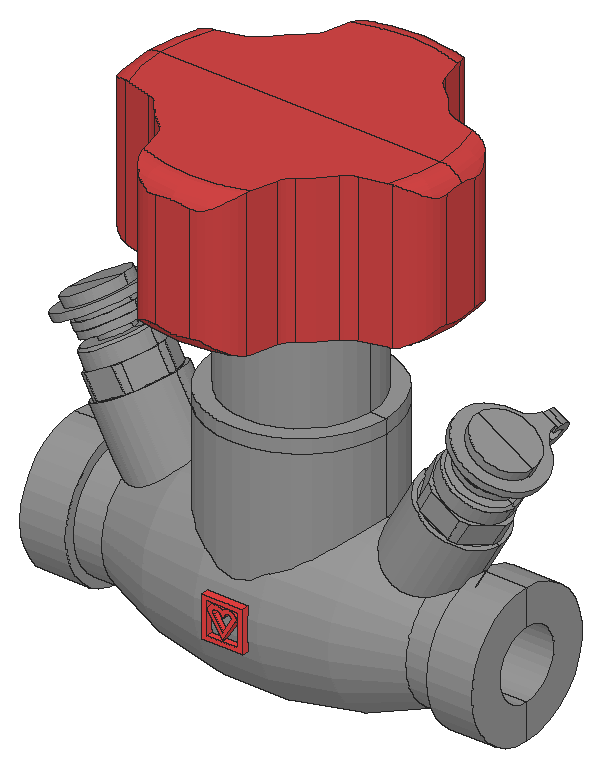
Revit family "HERZ Strömax клапан балансировочный с измерительными клапанами 4217 GM (LF-MF)", category Rohrzubehör, Revit 2021
Family settings
  Bemaßung runder Anschluss = Durchmesser verwenden
  Teiletyp = Unterbricht
  OmniClass-Nummer = 23.65.55.14
  OmniClass-Titel = Valves for Liquid Services
  Arbeitsebenenbasiert = Nein
  Immer vertikal = Ja
  Beim Laden mit Abzugskörper schneiden = Nein
  Gemeinsam genutzt = Nein
Parameters (values of type "LF")
  Среда = "Качество теплоносителя в соответствии с ÖNORM H5195 и VDI 2035.\r\nДопускается использование этилен- и пропиленгликоля в соотношении 25-50% с водой."
  Положение клапана при монтаже = "Неподнимающийся шпиндель, расположенный перпендикулярно оси клапана, обеспечивает доступность и лёгкость в обслуживании в любом монтажном положении."
  Область применения = "Балансировочные клапаны применяются для гидравлической балансировки систем отопления и охлаждения, регулировки магистральных трубопроводов, стояков, теплообменников, регистров отопления и охлаждения."
  Номер заказа [instance] = if(and(LF, Nennweite = 15.00 mm), 1421730, if(and(MF, Nennweite = 15.00 mm), 1421731, 0))  # 1421730
  Макс. рабочее давление = 1600000.0 Pa  # constant formula
  Макс. рабочая температура (с DN40) = 110 °C  # constant formula
  Макс. рабочая температура (до DN32) = 130 °C  # constant formula
  Корпус = "латунь, устойчивая к селективной цинковой коррозии"  # constant formula
  Исполнение = "STRÖMAX-GM Балансировочный клапан с измерительными клапанами, 1/2′′ – 3′′.\r\nИсполнение с прямым невыдвижным шпинделем, муфта х муфта, латунный корпус без покрытия, уплотнение шпинделя двойным кольцевым уплотнением O-Ring, преднастройка посредством ограничения хода внутреннего шпинделя, цифровые показания степени настройки отображаются в окне маховика.\r\nДва измерительных клапана расположены рядом с маховиком."
  Измерение перепада давления = "Клапаны STRÖMAX-GM оснащен двумя измерительными клапанами:\r\nс помощью измерительного прибора можно измерить перепад давления и по нему определить текущий расход в зависимости от степени преднастройки.\r\nHERZ Измерительный компьютер (1 8900 05) позволяет напрямую считывать расход (см. руководство к измерительным приборам)."
  kvs-значения [instance] = if(and(LF, Nennweite = 15.00 mm), 0.93, if(and(MF, Nennweite = 15.00 mm), 3.49, 0))  # 0.93
  W02 = 60.00°  # constant formula
  W01 = 30.00°  # constant formula
  Vorgabe-Ansicht = 0.00 mm
  URL = "www.herz-armaturen.ru"
  SC_NennweiteBerechnet = 0
  SC_Dimension = ""
  SCRNSEQ = "ARM;ARM_TYP=\"STRV\";2"
  SCRNCODE = "05;07;02"  # constant formula
  S02 = 60.00 mm  # constant formula
  S01 [instance] = H00 + H01  # 68.20 mm
  R01 [instance] = 21.00 mm  # constant formula
  Nennweite [instance] = 15.00 mm
  ML02 [instance] = 30.20 mm  # constant formula
  ML01 [instance] = 20.67 mm  # constant formula
  MF [instance] = no
  MD01 = 9.50 mm  # constant formula
  LF [instance] = yes
  L02 [instance] = 10.00 mm  # constant formula
  L01 [instance] = 16.30 mm  # constant formula
  L00 [instance] = 100.00 mm  # constant formula
  IG [instance] = Nennweite / 2  # 7.50 mm
  Hersteller = "HERZ Armaturen Ges.m.b.H."  # constant formula
  H04 [instance] = 2.50 mm  # constant formula
  H03 = 10.00 mm  # constant formula
  H02 [instance] = 3.00 mm  # constant formula
  H01 [instance] = 33.30 mm  # constant formula
  H00 [instance] = 34.90 mm  # constant formula
  Вес [instance] = if(and(LF, Nennweite = 15.00 mm), "0.86 kg", if(and(MF, Nennweite = 15.00 mm), "0.89 kg", "0 kg"))  # "0.86 kg"
  GT [instance] = 15.00 mm  # constant formula
  DN50-DN80 [instance] = H00 + H01  # 68.20 mm
  DN15-DN40 [instance] = H00 + H01  # 68.20 mm
  DN15 [instance] = Nennweite = 15.00 mm  # yes
  D06 [instance] = 15.40 mm  # constant formula
  D05 [instance] = 13.15 mm  # constant formula
  D04 = 9.00 mm  # constant formula
  D03 [instance] = 19.00 mm  # constant formula
  D02 [instance] = 15.25 mm  # constant formula
  D01 [instance] = 13.20 mm  # constant formula
Types (3, lengths in mm): name | Номер заказа | kvs-значения | MF | LF | Вес
  (no name) | 1421730 | 0.93 | no | yes | "0.86 kg"
  LF | 1421730 | 0.93 | no | yes | "0.86 kg"
  MF | 1421731 | 3.49 | yes | no | "0.89 kg"
Reference planes
  plane 1 "Mitte (Vorne/hinten)": y = 0
  plane 2: z = 0
  plane 3 "Mitte (Links/rechts)": x = 0
Forms (mm)
  Revolve 1, solid, material "Messing, weicher Gelbton, geschweißt", detail levels fine
    sketch origin (0, 0, 0) x (1, 0, 0) y (0, 0, 1)
      loop
        line (-50, 15.25) -> (-50, 7.5) -> (-35, 7.5) -> (-35, 0) -> (35, 0) -> (35, 7.5) -> (50, 7.5) -> (50, 15.25) -> (40, 15.25) -> (40, 13.2) -> (33.7, 13.2)
        arc (33.7, 13.2) -> (0, 21) -> (-33.7, 13.2) r 76.701
        line (-33.7, 13.2) -> (-40, 13.2) -> (-40, 15.25) -> (-50, 15.25)
      axis (-50, 0) -> (50, 0)
    angle from 0 to 360
  Revolve 2, solid, material "Messing, weicher Gelbton, geschweißt", detail levels fine
    sketch origin (0, 0, 0) x (1, 0, 0) y (0, 0, 1)
      loop
        line (20.67, 0) -> (35.77, 26.154) -> (27.543, 30.904) -> (12.443, 4.75) -> (20.67, 0)
      axis (20.67, 0) -> (35.77, 26.154)
    angle from 0 to 360
  Revolve 3, solid, material "Messing, weicher Gelbton, geschweißt", detail levels fine
    sketch origin (0, 0, 0) x (1, 0, 0) y (0, 0, 1)
      loop
        line (0, 0) -> (0, 34.9) -> (-19, 34.9) -> (-19, 0) -> (0, 0)
      axis (0, 34.9) -> (0, 0)
    angle from 0 to 360
  Revolve 4, solid, material "Messing, weicher Gelbton, geschweißt", detail levels fine
    sketch origin (0, 0, 0) x (-1, 0, 0) y (0, 0, 1)
      loop
        line (20.67, 0) -> (35.77, 26.154) -> (27.543, 30.904) -> (12.443, 4.75) -> (20.67, 0)
      axis (20.67, 0) -> (35.77, 26.154)
    angle from 0 to 360
  Revolve 5, solid, material "Messing, weicher Gelbton, geschweißt", detail levels fine
    sketch origin (0, 0, 0) x (1, 0, 0) y (0, 0, 1)
      loop
        line (0, 34.9) -> (0, 68.2) -> (-9, 68.2) -> (-9, 58.2) -> (-13.15, 58.2) -> (-13.15, 55.7) -> (-15.4, 55.7) -> (-15.4, 37.9) -> (-19, 37.9) -> (-19, 34.9) -> (0, 34.9)
      axis (0, 68.2) -> (0, 34.9)
    angle from 0 to 360
Lines and regions (mm)
  model lines, detail levels coarse+medium
    curve 1: line (-50, 0, 15.25) -> (-50, 0, -15.25)
    curve 2: line (-50, 0, -15.25) -> (50, 0, 15.25)
    curve 3: line (50, 0, 15.25) -> (50, 0, -15.25)
    curve 4: line (50, 0, -15.25) -> (-50, 0, 15.25)
    curve 5: line (0, 0, 0) -> (39.375, 0, 68.2)
    curve 6: line (13.395, 0, 83.2) -> (65.356, 0, 53.2)
    curve 7: line (-50, 15.25, 0) -> (-50, -15.25, 0)
    curve 8: line (-50, -15.25, 0) -> (50, 15.25, 0)
    curve 9: line (50, 15.25, 0) -> (50, -15.25, 0)
    curve 10: line (50, -15.25, 0) -> (-50, 15.25, 0)
    curve 11: line (0, 0, 0) -> (39.375, 68.2, 0)
    curve 12: line (13.395, 83.2, 0) -> (65.356, 53.2, 0)
Dimensions and locks
  "IG": Revolve 1 sketch curve to plane 2
  "GT": Revolve 1 sketch curve to Revolve 1 sketch curve  (x2)
  "IG": Revolve 1 sketch curve to Revolve 1 sketch curve
  "D01": Revolve 1 sketch curve to Revolve 1 sketch curve  (x2)
  "R01": Revolve 1 sketch curve to Revolve 1 sketch curve
  "L02": Revolve 1 sketch curve to Revolve 1 sketch curve  (x2)
  "L01": Revolve 1 sketch curve to Revolve 1 sketch curve  (x2)
  "D02": Revolve 1 sketch curve to plane 2  (x2)
  equal spacing: Revolve 1 sketch curve, plane 3 "Mitte (Links/rechts)", Revolve 1 sketch curve
  "L00": Revolve 1 sketch curve to Revolve 1 sketch curve
  "R01": nested 1 to plane 1 "Mitte (Vorne/hinten)"
  "ML01": Revolve 2 sketch curve to plane 3 "Mitte (Links/rechts)"
  "H00": Revolve 3 sketch curve to plane 2
  "D03": Revolve 3 sketch curve to Revolve 3 sketch curve
  "ML02": Revolve 2 sketch curve to Revolve 2 sketch curve
  "MD01": Revolve 2 sketch curve to Revolve 2 sketch curve  (x2)
  "ML02": Revolve 4 sketch curve to Revolve 4 sketch curve
  "MD01": Revolve 4 sketch curve to Revolve 4 sketch curve  (x2)
  "ML01": plane 3 "Mitte (Links/rechts)" to Revolve 4 sketch curve
  "H00": Revolve 5 sketch curve to plane 2
  "H01": Revolve 5 sketch curve to Revolve 5 sketch curve
  "D04": Revolve 5 sketch curve to Revolve 5 sketch curve
  "D03": Revolve 5 sketch curve to Revolve 5 sketch curve
  "D05": Revolve 5 sketch curve to Revolve 5 sketch curve
  "D06": Revolve 5 sketch curve to Revolve 5 sketch curve
  "H02": Revolve 5 sketch curve to Revolve 5 sketch curve
  "H03": Revolve 5 sketch curve to Revolve 5 sketch curve
  "H04": Revolve 5 sketch curve to Revolve 5 sketch curve
  "DN15-DN40": nested 2 to plane 2
  "D02": curve 4 to plane 2 to curve 2
  "D02": curve 3 to plane 2 to curve 4
  equal spacing: curve 1, plane 3 "Mitte (Links/rechts)", curve 3
  "L00": curve 1 to curve 3
  equal spacing: Revolve 1, curve 5, Revolve 1
  "S01": curve 5 to plane 2
  equal spacing: curve 6, curve 5, curve 6
  "S02": curve 6 to curve 6
  "D02": curve 8 to plane 1 "Mitte (Vorne/hinten)" to curve 10
  "D02": curve 10 to plane 1 "Mitte (Vorne/hinten)" to curve 9
  equal spacing: curve 7, plane 3 "Mitte (Links/rechts)", curve 9
  "L00": curve 7 to curve 9
  equal spacing: curve 7, curve 11, curve 9
  "S01": plane 1 "Mitte (Vorne/hinten)" to curve 11
  equal spacing: curve 12, curve 11, curve 12
  "S02": curve 12 to curve 12
  "W01": angle Revolve 2 sketch curve to plane 3 "Mitte (Links/rechts)"  (x2)
  "W01": angle plane 3 "Mitte (Links/rechts)" to Revolve 4 sketch curve  (x2)
  "W02": angle plane 2 to curve 5
  "W02": angle plane 1 "Mitte (Vorne/hinten)" to curve 11
  aligned and locked: level to plane 2
Automatic sketch dimensions
  Revolve 1 sketch curve to level = 0.00 mm  (x2)
  Revolve 1 sketch curve to Revolve 1 sketch curve = 1429.986 mm
  Revolve 1 sketch curve to Revolve 1 sketch curve = 1762.604 mm
  Revolve 2 sketch curve to level = 0.00 mm  (x2)
  Revolve 3 sketch curve to level = 0.00 mm
  Revolve 3 sketch curve to plane 3 "Mitte (Links/rechts)" = 0.00 mm  (x2)
  Revolve 3 sketch curve to Revolve 3 sketch curve = 366.045 mm
  Revolve 3 sketch curve to Revolve 3 sketch curve = 2179.415 mm
  Revolve 4 sketch curve to level = 0.00 mm  (x2)
  Revolve 5 sketch curve to plane 3 "Mitte (Links/rechts)" = 0.00 mm  (x2)
  Revolve 5 sketch curve to level = 366.045 mm
  Revolve 5 sketch curve to Revolve 5 sketch curve = 2146.115 mm
Nested families
  nested 1: "Herz-Logo-vorne" at (0, -21, 0) x (0, 1, 0) z (0, 0, 1), type "Herz-Logo-vorne", detail levels fine
  nested 2: "Strangregulierventil-Handrad-Gerade (Rot) DN15-DN40" at (0, 0, 68.2), visible <- "DN15", type "Strangregulierventil-Handrad-Gerade (Rot) DN15-DN40", detail levels fine
    with Nennweite 0.00 mm, Gewicht 0.00 kg, Bestellnummer 0
  nested 3: "Messstutzen_Band_Austritt_30Grad_(oben)" at (27.02, 0, 10.999), visible <- "DN15", type "Messstutzen_Band_Austritt_30Grad_(oben)", detail levels fine
    with Schutzkappe yes, Nennweite 0.00 mm, Gewicht 0.00 kg, Bestellnummer 0
  nested 4: "Messstutzen_Band_Eintritt_30Grad_(oben)" at (-27.02, 0, 10.999) x (-1, 0, 0) z (0, 0, 1), visible <- "DN15", type "Messstutzen_Band_Eintritt_30Grad_(oben)", detail levels fine
    with Schutzkappe yes, Nennweite 0.00 mm, Gewicht 0.00 kg, Bestellnummer 0
Connectors
  piping at (-35, 0, 0), diameter 15, driven by "Nennweite"
    settings: on Revolve 1, index 1, connector inside diameter 609.6 mm, connector length 0.00 mm, flow factor 0, pipe flow 0.0 L/s, pressure drop 0.0 Pa, fitting loss kfactor 0, connector angle 0.00°, fixture units 0, engagement length 0.00 mm, angle of deflection 0.00°, flow configuration 0, flow direction 1, fitting loss method 0, system type 29, joint type 0, gender type 0, connector reference index -1, connector utility 0, adjustable connector no, is connector primary yes, connector description ""
  piping at (35, 0, 0), diameter 15, driven by "Nennweite"
    settings: on Revolve 1, index 2, connector inside diameter 609.6 mm, connector length 0.00 mm, flow factor 0, pipe flow 0.0 L/s, pressure drop 0.0 Pa, fitting loss kfactor 0, connector angle 0.00°, fixture units 0, engagement length 0.00 mm, angle of deflection 0.00°, flow configuration 0, flow direction 2, fitting loss method 0, system type 29, joint type 0, gender type 0, connector reference index -1, connector utility 0, adjustable connector no, is connector primary no, connector description ""
Definition of nested family "Herz-Logo-vorne"
  Parameters (values of type "Herz-Logo-vorne")
    Default Elevation = 0.00 mm
  Reference planes
    plane 1 "Mitte (Vorne/hinten)": y = 0
    plane 2: z = 0
    plane 3 "Mitte (Links/rechts)": x = 0
  Forms (mm)
    Extrusion 1, solid
      sketch origin (0.732, -0.018, 0.017) x (0, -1, 0) y (0, 0, 1)
        loop
          line (-0.018, -4.517) -> (4.482, -4.517) -> (4.482, 4.483) -> (-4.518, 4.483) -> (-4.518, -4.517) -> (-0.018, -4.517)
        loop
          line (-0.05, -3.48) -> (3.482, -3.48) -> (3.482, 3.483) -> (-3.518, 3.483) -> (-3.518, -3.48) -> (-0.05, -3.48)
        loop
          arc (-0.018, 2.383) -> (-1.543, 3.287) -> (-3.067, 2.383) r 1.738
          arc (-3.067, 2.383) -> (-3.191, 1.899) -> (-3.067, 1.415) r 1.009
          line (-3.067, 1.415) -> (-0.018, -3.281) -> (3.032, 1.415)
          arc (3.032, 1.415) -> (3.156, 1.899) -> (3.032, 2.383) r 1.009
          arc (3.032, 2.383) -> (1.507, 3.287) -> (-0.018, 2.383) r 1.738
        loop
          arc (1.885, 1.272) -> (2.005, 1.675) -> (1.885, 2.079) r 0.74
          arc (1.885, 2.079) -> (1.265, 2.416) -> (0.644, 2.079) r 0.74
          line (0.644, 2.079) -> (-0.018, 0.97) -> (-0.679, 2.079)
          arc (-0.679, 2.079) -> (-1.3, 2.416) -> (-1.921, 2.079) r 0.74
          arc (-1.921, 2.079) -> (-2.04, 1.675) -> (-1.921, 1.272) r 0.74
          line (-1.921, 1.272) -> (-0.018, -1.658) -> (1.885, 1.272)
      from 0 to 1.5
  Dimensions and locks
    aligned and locked: level to plane 2
Definition of nested family "Strangregulierventil-Handrad-Gerade (Rot) DN15-DN40"
  Parameters (values of type "Strangregulierventil-Handrad-Gerade (Rot) DN15-DN40")
    Default Elevation = 0.00 mm
    URL = "www.herz-armaturen.at"
    Nennweite [instance] = 0.00 mm
    Manufacturer = "Herz Armaturen GmbH"  # constant formula
    Gewicht [instance] = 0.00 kg
    Bestellnummer [instance] = 0
  Reference planes
    plane 1 "Mitte (Vorne/hinten)": y = 0
    plane 2: z = 0
    plane 3 "Mitte (Links/rechts)": x = 0
  Forms (mm)
    Revolve 1, solid, detail levels fine
      sketch origin (0, 0, 0) x (1, 0, 0) y (0, 0, 1)
        loop
          line (0, 0) -> (0, 24.95) -> (-30.992, 24.95)
          arc (-30.992, 24.95) -> (-34.37, 23.636) -> (-35.973, 20.386) r 5
          line (-35.973, 20.386) -> (-37, 8.65) -> (-35.986, -2.936)
          arc (-35.986, -2.936) -> (-34.383, -6.186) -> (-31.005, -7.5) r 5
          line (-31.005, -7.5) -> (-15, -7.5) -> (-15, 0) -> (0, 0)
        axis (0, 24.95) -> (0, -7.5)
      angle from 0 to 360
    Extrusion 2, void
      sketch origin (0, 0, 20.3) x (1, 0, 0) y (0, 1, 0)
        loop
          line (3.861, 35.5) -> (-3.861, 35.5)
          arc (-3.861, 35.5) -> (-8.731, 33.847) -> (-11.589, 29.571) r 8
          line (-11.589, 29.571) -> (-13.284, 23.245)
          arc (-13.284, 23.245) -> (-13.982, 21.722) -> (-15.144, 20.516) r 5
          arc (-15.144, 20.516) -> (-18.031, 18.031) -> (-20.516, 15.144) r 25.5
          arc (-20.516, 15.144) -> (-21.722, 13.982) -> (-23.245, 13.284) r 5
          line (-23.245, 13.284) -> (-29.571, 11.589)
          arc (-29.571, 11.589) -> (-33.847, 8.731) -> (-35.5, 3.861) r 8
          line (-35.5, 3.861) -> (-35.5, -3.861)
          arc (-35.5, -3.861) -> (-33.847, -8.731) -> (-29.571, -11.589) r 8
          line (-29.571, -11.589) -> (-23.245, -13.284)
          arc (-23.245, -13.284) -> (-21.722, -13.982) -> (-20.516, -15.144) r 5
          arc (-20.516, -15.144) -> (-18.031, -18.031) -> (-15.144, -20.516) r 25.5
          arc (-15.144, -20.516) -> (-13.982, -21.722) -> (-13.284, -23.245) r 5
          line (-13.284, -23.245) -> (-11.589, -29.571)
          arc (-11.589, -29.571) -> (-8.731, -33.847) -> (-3.861, -35.5) r 8
          line (-3.861, -35.5) -> (3.861, -35.5)
          arc (3.861, -35.5) -> (8.731, -33.847) -> (11.589, -29.571) r 8
          line (11.589, -29.571) -> (13.284, -23.245)
          arc (13.284, -23.245) -> (13.982, -21.722) -> (15.144, -20.516) r 5
          arc (15.144, -20.516) -> (18.031, -18.031) -> (20.516, -15.144) r 25.5
          arc (20.516, -15.144) -> (21.722, -13.982) -> (23.245, -13.284) r 5
          line (23.245, -13.284) -> (29.571, -11.589)
          arc (29.571, -11.589) -> (33.847, -8.731) -> (35.5, -3.861) r 8
          line (35.5, -3.861) -> (35.5, 3.861)
          arc (35.5, 3.861) -> (33.847, 8.731) -> (29.571, 11.589) r 8
          line (29.571, 11.589) -> (23.245, 13.284)
          arc (23.245, 13.284) -> (21.722, 13.982) -> (20.516, 15.144) r 5
          arc (20.516, 15.144) -> (18.031, 18.031) -> (15.144, 20.516) r 25.5
          arc (15.144, 20.516) -> (13.982, 21.722) -> (13.284, 23.245) r 5
          line (13.284, 23.245) -> (11.589, 29.571)
          arc (11.589, 29.571) -> (8.731, 33.847) -> (3.861, 35.5) r 8
        loop
          circle (0, 0) r 38
      from -31.266 to 7.923
  Cuts and joins
    Extrusion 2 cuts Revolve 1
  Dimensions and locks
    Revolve 1 sketch curve to Revolve 1 sketch curve = 15.00 mm
    Revolve 1 sketch curve to Revolve 1 sketch curve = 16.15 mm
    Revolve 1 sketch curve to Revolve 1 sketch curve = 16.30 mm
    angle Revolve 1 sketch curve to Revolve 1 sketch curve = 95.00°
    aligned and locked: level to plane 2
Definition of nested family "Messstutzen_Band_Austritt_30Grad_(oben)"
  Parameters (values of type "Messstutzen_Band_Austritt_30Grad_(oben)")
    Default Elevation = 0.00 mm
    URL = "www.herz-armaturen.at"
    Schutzkappe [instance] = yes
    Nennweite [instance] = 0.00 mm
    Manufacturer = "Herz Armaturen GmbH"  # constant formula
    Gewicht [instance] = 0.00 kg
    Bestellnummer [instance] = 0
  Reference planes
    plane 1 "Mitte (Vorne/hinten)": y = 0
    plane 2: z = 0
    plane 3 "Mitte (Links/rechts)": x = 0
  Forms (mm)
    Revolve 1, solid, detail levels fine
      sketch origin (0, 0, 0) x (0.866025, 0, -0.5) y (0.5, 0, 0.866025)
        loop
          line (-7.4, 9) -> (-5.55, 9) -> (-5.55, 6)
          arc (-5.55, 6) -> (-5.626, 5.617) -> (-5.843, 5.293) r 1
          line (-5.843, 5.293) -> (-6.455, 4.681) -> (-6.455, 0.9) -> (-5.555, 0) -> (-2, 0) -> (-2, 17.5) -> (-8.4, 17.5)
          arc (-8.4, 17.5) -> (-7.693, 17.207) -> (-7.4, 16.5) r 1
          line (-7.4, 16.5) -> (-7.4, 9)
        loop
          line (-3.7, 27) -> (-7.3, 27) -> (-7.9, 26.4) -> (-7.9, 23) -> (-2, 23) -> (-2, 35.8) -> (-3.805, 35.8) -> (-4.415, 35.19) -> (-4.415, 30.863) -> (-3.7, 30.45) -> (-3.7, 27)
        axis (0, 0) -> (0, 35.8)
      angle from 0 to 360
    Extrusion 2, solid, detail levels fine
      sketch origin (8.75, 0, 15.155) x (0, 1, 0) y (-0.866025, 0, 0.5)
        loop
          arc (-7.07, 5.156) -> (-7.578, 4.375) -> (-8, 3.544) r 8.75
          line (-8, 3.544) -> (-8, -3.544)
          arc (-8, -3.544) -> (-7.578, -4.375) -> (-7.07, -5.156) r 8.75
          line (-7.07, -5.156) -> (-0.93, -8.7)
          arc (-0.93, -8.7) -> (0, -8.75) -> (0.93, -8.7) r 8.75
          line (0.93, -8.7) -> (7.07, -5.156)
          arc (7.07, -5.156) -> (7.578, -4.375) -> (8, -3.544) r 8.75
          line (8, -3.544) -> (8, 3.544)
          arc (8, 3.544) -> (7.578, 4.375) -> (7.07, 5.156) r 8.75
          line (7.07, 5.156) -> (0.93, 8.7)
          arc (0.93, 8.7) -> (0, 8.75) -> (-0.93, 8.7) r 8.75
          line (-0.93, 8.7) -> (-7.07, 5.156)
      from 0 to 5.5
    Revolve 3, solid, visible <- "Schutzkappe", detail levels fine
      sketch origin (0, 0, 0) x (0.866025, 0, -0.5) y (0.5, 0, 0.866025)
        loop
          line (0, 35.878) -> (0, 36.678) -> (-7, 36.678) -> (-7, 33.378) -> (-6.1, 33.378) -> (-6.1, 31.678) -> (-6.9, 31.678) -> (-6.9, 30.178) -> (-4.415, 30.178) -> (-4.415, 35.268) -> (-3.805, 35.878) -> (0, 35.878)
        axis (0, 30.178) -> (0, 36.678)
      angle from 0 to 360
    Extrusion 4, solid, detail levels fine
      sketch origin (14.25, 0, 24.682) x (0, 1, 0) y (0.866025, 0, -0.5)
        loop
          circle (0, 0) r 3.7
        loop
          arc (5.505, -3.906) -> (7.288, -2.358) -> (9.582, -1.8) r 5
          line (9.582, -1.8) -> (9.582, 1.8)
          arc (9.582, 1.8) -> (7.288, 2.358) -> (5.505, 3.906) r 5
          arc (5.505, 3.906) -> (-6.75, 0) -> (5.505, -3.906) r 6.75
      from 0 to -1.5
    Extrusion 5, solid, detail levels fine
      sketch origin (16.589, 0, 28.733) x (0, 1, 0) y (0.866025, 0, -0.5)
        loop
          circle (0, 0) r 6.1
        loop
          arc (8.652, -4.495) -> (10.493, -2.527) -> (13.089, -1.8) r 5
          line (13.089, -1.8) -> (13.089, 1.8)
          arc (13.089, 1.8) -> (10.493, 2.527) -> (8.652, 4.495) r 5
          arc (8.652, 4.495) -> (-9.75, 0) -> (8.652, -4.495) r 9.75
      from 0 to -1.5
    Sweep 6, solid, detail levels fine
      path origin (1.029, 0.159, 0.98) x (-0.5, 0, -0.866025) y (0, 1, 0)
        loop
          line (-27.75, 9.582) -> (-27.75, 14.522)
          arc (-27.75, 14.522) -> (-30.089, 16.862) -> (-32.428, 14.522) r 2.339
          line (-32.428, 14.522) -> (-32.428, 13.089)
      profile origin (14.904, 12.211, 25.012) x (0.5, 0, 0.866025) y (0.866025, 0, -0.5)
        loop
          line (-0.75, -1.8) -> (0.75, -1.8) -> (0.75, 1.8) -> (-0.75, 1.8) -> (-0.75, -1.8)
  Dimensions and locks
    aligned and locked: level to plane 2
Definition of nested family "Messstutzen_Band_Eintritt_30Grad_(oben)"
  Parameters (values of type "Messstutzen_Band_Eintritt_30Grad_(oben)")
    Default Elevation = 0.00 mm
    URL = "www.herz-armaturen.at"
    Schutzkappe [instance] = yes
    Nennweite [instance] = 0.00 mm
    Manufacturer = "Herz Armaturen GmbH"  # constant formula
    Gewicht [instance] = 0.00 kg
    Bestellnummer [instance] = 0
  Reference planes
    plane 1 "Mitte (Vorne/hinten)": y = 0
    plane 2: z = 0
    plane 3 "Mitte (Links/rechts)": x = 0
  Forms (mm)
    Revolve 1, solid, detail levels fine
      sketch origin (0, 0, 0) x (0.866025, 0, -0.5) y (0.5, 0, 0.866025)
        loop
          line (-7.4, 9) -> (-5.55, 9) -> (-5.55, 6)
          arc (-5.55, 6) -> (-5.626, 5.617) -> (-5.843, 5.293) r 1
          line (-5.843, 5.293) -> (-6.455, 4.681) -> (-6.455, 0.9) -> (-5.555, 0) -> (-2, 0) -> (-2, 17.5) -> (-8.4, 17.5)
          arc (-8.4, 17.5) -> (-7.693, 17.207) -> (-7.4, 16.5) r 1
          line (-7.4, 16.5) -> (-7.4, 9)
        loop
          line (-3.7, 27) -> (-7.3, 27) -> (-7.9, 26.4) -> (-7.9, 23) -> (-2, 23) -> (-2, 35.8) -> (-3.805, 35.8) -> (-4.415, 35.19) -> (-4.415, 30.863) -> (-3.7, 30.45) -> (-3.7, 27)
        axis (0, 0) -> (0, 35.8)
      angle from 0 to 360
    Extrusion 2, solid, detail levels fine
      sketch origin (8.75, 0, 15.155) x (0, 1, 0) y (-0.866025, 0, 0.5)
        loop
          arc (-7.07, 5.156) -> (-7.578, 4.375) -> (-8, 3.544) r 8.75
          line (-8, 3.544) -> (-8, -3.544)
          arc (-8, -3.544) -> (-7.578, -4.375) -> (-7.07, -5.156) r 8.75
          line (-7.07, -5.156) -> (-0.93, -8.7)
          arc (-0.93, -8.7) -> (0, -8.75) -> (0.93, -8.7) r 8.75
          line (0.93, -8.7) -> (7.07, -5.156)
          arc (7.07, -5.156) -> (7.578, -4.375) -> (8, -3.544) r 8.75
          line (8, -3.544) -> (8, 3.544)
          arc (8, 3.544) -> (7.578, 4.375) -> (7.07, 5.156) r 8.75
          line (7.07, 5.156) -> (0.93, 8.7)
          arc (0.93, 8.7) -> (0, 8.75) -> (-0.93, 8.7) r 8.75
          line (-0.93, 8.7) -> (-7.07, 5.156)
      from 0 to 5.5
    Revolve 3, solid, visible <- "Schutzkappe", detail levels fine
      sketch origin (0, 0, 0) x (0.866025, 0, -0.5) y (0.5, 0, 0.866025)
        loop
          line (0, 35.878) -> (0, 36.678) -> (-7, 36.678) -> (-7, 33.378) -> (-6.1, 33.378) -> (-6.1, 31.678) -> (-6.9, 31.678) -> (-6.9, 30.178) -> (-4.415, 30.178) -> (-4.415, 35.268) -> (-3.805, 35.878) -> (0, 35.878)
        axis (0, 30.178) -> (0, 36.678)
      angle from 0 to 360
    Extrusion 4, solid, detail levels fine
      sketch origin (14.25, 0, 24.682) x (0, 1, 0) y (0.866025, 0, -0.5)
        loop
          circle (0, 0) r 3.7
        loop
          arc (5.505, -3.906) -> (7.288, -2.358) -> (9.582, -1.8) r 5
          line (9.582, -1.8) -> (9.582, 1.8)
          arc (9.582, 1.8) -> (7.288, 2.358) -> (5.505, 3.906) r 5
          arc (5.505, 3.906) -> (-6.75, 0) -> (5.505, -3.906) r 6.75
      from 0 to -1.5
    Extrusion 5, solid, detail levels fine
      sketch origin (16.589, 0, 28.733) x (0, 1, 0) y (0.866025, 0, -0.5)
        loop
          circle (0, 0) r 6.1
        loop
          arc (8.652, -4.495) -> (10.493, -2.527) -> (13.089, -1.8) r 5
          line (13.089, -1.8) -> (13.089, 1.8)
          arc (13.089, 1.8) -> (10.493, 2.527) -> (8.652, 4.495) r 5
          arc (8.652, 4.495) -> (-9.75, 0) -> (8.652, -4.495) r 9.75
      from 0 to -1.5
    Sweep 6, solid, detail levels fine
      path origin (0.933, -0.183, 1.116) x (-0.5, 0, -0.866025) y (0, 1, 0)
        loop
          line (-27.75, 9.582) -> (-27.75, 14.522)
          arc (-27.75, 14.522) -> (-30.089, 16.862) -> (-32.428, 14.522) r 2.339
          line (-32.428, 14.522) -> (-32.428, 13.089)
      profile origin (14.808, 11.869, 25.148) x (0.5, 0, 0.866025) y (0.866025, 0, -0.5)
        loop
          line (-0.75, -1.8) -> (0.75, -1.8) -> (0.75, 1.8) -> (-0.75, 1.8) -> (-0.75, -1.8)
  Dimensions and locks
    aligned and locked: level to plane 2
